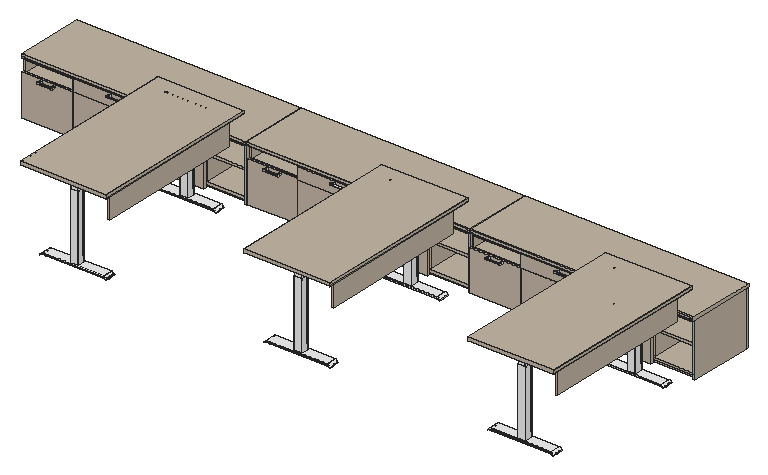
Revit family "JSI-Vision-Typical_Laminate-VST139", category Furniture, Revit 2020
Family settings
  OmniClass Number = 23.40.20.00
  OmniClass Title = General Furniture and Specialties
  Work Plane-Based = No
  Always vertical = Yes
  Cut with Voids When Loaded = No
  Shared = No
  Room Calculation Point = No
Parameters (values of type "VST139")
  URL = "www.jsifurniture.com"
  Type Comments = "Typical Laminate"  # constant formula
  Model = "VST139"
  Manufacturer = "JSI"  # constant formula
  Keynote = "12500"
  Default Elevation = 0"
  Assembly Code = "E2020200"
Reference planes (in)
  plane 1 "Center Front/Back": y = 0
  plane 2: z = 0
  plane 3 "Center Left/Right": x = 0
Dimensions and locks (in)
  aligned and locked: level to plane 2
Nested families (in)
  nested 1: "JSI-Vision-Adj_Table_Standard_Range" at (78, -24.625, 0) x (0, -1, 0) z (0, 0, 1), type "VST3060AHTD-S, Adj Height Table Standard Range 60"W"
  nested 2: "JSI-Vision-Open_Shelf_File_Modular_Bench_Pedestal" at (0, -0.75, 0), type "VSTB2418MOF, Laminate OF Modular Bench H Ped"
  nested 3: "JSI-Vision-Box_File_Modular_Bench_Pedestal" at (18, 0, 0), type "VSTB2430MBF, Laminate BF Modular Bench H Ped"
    with Width 30", Height 18.744", Depth 24"
  nested 4: "JSI-Vision-Sliding_Door_Modular_Bench_Pedestal" at (48, -0.75, 0), type "VSTB2430MSD, Laminate Sld Door Modular Bench H Ped"
    with Height 18.744", Depth 23 1/4"
  nested 5: "JSI-Vision-Bench_Height_Modular_Top" at (0, 0, -0.6469), type "VSTB2478MT, Laminate Mod Bench H Top, 24" x 78""
    with Width 78", Depth 24"
  nested 6: "JSI-Vision-Adj_Table_Standard_Range" at (156, -24.625, 0) x (0, -1, 0) z (0, 0, 1), type "VST3060AHTD-S, Adj Height Table Standard Range 60"W"
  nested 7: "JSI-Vision-Open_Shelf_File_Modular_Bench_Pedestal" at (78, 0, 0), type "VSTB2418MOF, Laminate OF Modular Bench H Ped"
  nested 8: "JSI-Vision-Box_File_Modular_Bench_Pedestal" at (96, 0, 0), type "VSTB2430MBF, Laminate BF Modular Bench H Ped"
    with Width 30", Height 18.744", Depth 24"
  nested 9: "JSI-Vision-Sliding_Door_Modular_Bench_Pedestal" at (126, -0.75, 0), type "VSTB2430MSD, Laminate Sld Door Modular Bench H Ped"
    with Height 18.744", Depth 23 1/4"
  nested 10: "JSI-Vision-Bench_Height_Modular_Top" at (78, 0, -0.6469), type "VSTB2478MT, Laminate Mod Bench H Top, 24" x 78""
    with Width 78", Depth 24"
  nested 11: "JSI-Vision-Adj_Table_Standard_Range" at (234, -24.625, 0) x (0, -1, 0) z (0, 0, 1), type "VST3060AHTD-S, Adj Height Table Standard Range 60"W"
  nested 12: "JSI-Vision-Open_Shelf_File_Modular_Bench_Pedestal" at (156, -0.75, 0), type "VSTB2418MOF, Laminate OF Modular Bench H Ped"
  nested 13: "JSI-Vision-Box_File_Modular_Bench_Pedestal" at (174, 0, 0), type "VSTB2430MBF, Laminate BF Modular Bench H Ped"
    with Width 30", Height 18.744", Depth 24"
  nested 14: "JSI-Vision-Sliding_Door_Modular_Bench_Pedestal" at (204, -0.75, 0), type "VSTB2430MSD, Laminate Sld Door Modular Bench H Ped"
    with Height 18.744", Depth 23 1/4"
  nested 15: "JSI-Vision-Bench_Height_Modular_Top" at (156, 0, -0.6469), type "VSTB2478MT, Laminate Mod Bench H Top, 24" x 78""
    with Width 78", Depth 24"
  nested 16: "JSI-Vision-Adj_Bridge_Modesty" at (76, -28.625, 0) x (0, -1, 0) z (0, 0, 1), type "VST0952TDM, Modesty for Adj Bridge, 52"W"
    with Width 52"
  nested 17: "JSI-Vision-Adj_Bridge_Modesty" at (154, -28.625, 0) x (0, -1, 0) z (0, 0, 1), type "VST0952TDM, Modesty for Adj Bridge, 52"W"
    with Width 52"
  nested 18: "JSI-Vision-Adj_Bridge_Modesty" at (232, -28.625, 0) x (0, -1, 0) z (0, 0, 1), type "VST0952TDM, Modesty for Adj Bridge, 52"W"
    with Width 52"
  nested 19: "JSI-Vision-Filler_Back_Panel_for_Bench_Height" at (0, 0, 0), type "VSTB0419MBK, Filler Back Panel for Bench Height 18 3/4"H, 4"W"
    with Height 18 27/32"
  nested 20: "JSI-Vision-Filler_Back_Panel_for_Bench_Height" at (230, 0, 0), type "VSTB0419MBK, Filler Back Panel for Bench Height 18 3/4"H, 4"W"
    with Height 18 27/32"
Definition of nested family "JSI-Vision-Adj_Table_Standard_Range"
  Parameters (values of type "VST3048AHTD-S, Adj Height Table Standard Range 48"W")
    Width = 48"
    Upper Leg Finish = none
    URL = "www.jsifurniture.com"
    Type Comments = ""
    Top Finish = none
    Support Finish = none
    Series = "Vision Casegoods"  # constant formula
    Low Leg Finish = none
    Model = "VST3048AHTD-S"
    Material = ""
    Manufacturer = "JSI"  # constant formula
    Keynote = "12500"  # constant formula
    JSI Enviromental Website = "http://www.jsifurniture.com/jsi_sustainability_intro.php"
    Height = 30"
    Glide Finish = none
    Feet Finish = none
    Description = "Adjustable Height Table Desk Standard Range Laminate, 30”H x 30” x 48”W"
    Depth = 30"
    Default Elevation = 0"
    Assembly Code = "E2020200"
    Adj Post Finish = none
  Types (6): name | Width | Model | Description
    VST3072AHTD-S, Adj Height Table Standard Range 72"W | 72" | "VST3072AHTD-S" | "Adjustable Height Table Desk Standard Range Laminate, 30”H x 30” x 72”W"
    VSV3072AHTD-S, Adj Height Table Standard Range 72"W | 72" | "VSV3072AHTD-S" | "Adjustable Height Table Desk Standard Range Venner, 30”H x 30” x 72”W"
    VST3060AHTD-S, Adj Height Table Standard Range 60"W | 60" | "VST3060AHTD-S" | "Adjustable Height Table Desk Standard Range Laminate, 30”H x 30” x 60”W"
    VSV3060AHTD-S, Adj Height Table Standard Range 60"W | 60" | "VSV3060AHTD-S" | "Adjustable Height Table Desk Standard Range Venner, 30”H x 30” x 60”W"
    VST3048AHTD-S, Adj Height Table Standard Range 48"W | 48" | "VST3048AHTD-S" | "Adjustable Height Table Desk Standard Range Laminate, 30”H x 30” x 48”W"
    VSV3048AHTD-S, Adj Height Table Standard Range 48"W | 48" | "VSV3048AHTD-S" | "Adjustable Height Table Desk Standard Range Venner, 30”H x 30” x 48”W"
  Reference planes (in)
    plane 1 "Center Front/Back": y = 0
    plane 2: z = 0
    plane 3 "Center Left/Right": x = 0
    plane 4: z = 30
    plane 5: z = 28.8125
    plane 6: x = 48
    plane 7: y = -30
    plane 8: y = -15
  Forms (in)
    Extrusion 1, solid, material <- "Top Finish"
      sketch origin (0, 0, 0) x (0, 1, 0) y (0, 0, 1)
        loop
          arc (-29.88189, 30) -> (-29.96256, 29.96256) -> (-30, 29.88189) r 0.12937
          line (-30, 29.88189) -> (-30, 28.93061)
          arc (-30, 28.93061) -> (-29.96256, 28.84994) -> (-29.88189, 28.8125) r 0.12937
          line (-29.88189, 28.8125) -> (-29.72106, 28.8125) -> (-0.27894, 28.8125) -> (-0.11811, 28.8125)
          arc (-0.11811, 28.8125) -> (-0.03744, 28.84994) -> (0, 28.93061) r 0.12937
          line (0, 28.93061) -> (0, 29.88189)
          arc (0, 29.88189) -> (-0.03744, 29.96256) -> (-0.11811, 30) r 0.12937
          line (-0.11811, 30) -> (-29.88189, 30)
      from 0 to 48
  Lines and regions (in)
    symbolic lines
      curve 1: line (0, 0, 0) -> (48, 0, 0)
      curve 2: line (0, -30, 0) -> (0, 0, 0)
      curve 3: line (48, -30, 0) -> (0, -30, 0)
      curve 4: line (48, 0, 0) -> (48, -30, 0)
  Dimensions and locks (in)
    "Height": plane 4 to level
    locked: plane 4 to plane 5 at 1.1875
    "Width": plane 3 "Center Left/Right" to plane 6
    "Depth": plane 1 "Center Front/Back" to plane 7
    equal spacing: plane 1 "Center Front/Back", plane 8, plane 7
    aligned and locked: level to plane 2
    aligned and locked: plane 3 "Center Left/Right" to nested 1
    aligned and locked: nested 1 to plane 8
    aligned and locked: plane 4 to Extrusion 1 sketch curve
    aligned and locked: Extrusion 1 sketch curve to plane 5
    aligned and locked: Extrusion 1 sketch curve to plane 1 "Center Front/Back"
    aligned and locked: Extrusion 1 sketch curve to plane 7
    aligned and locked: Extrusion 1 to plane 3 "Center Left/Right"
    aligned and locked: Extrusion 1 to plane 6
    aligned and locked: plane 7 to curve 3
    aligned and locked: plane 1 "Center Front/Back" to curve 1
    aligned and locked: plane 3 "Center Left/Right" to curve 2
    aligned and locked: plane 6 to curve 4
  Automatic sketch dimensions
    plane 7 to Extrusion 1 sketch curve = 0.11811"  (x2)
    Extrusion 1 sketch curve to plane 5 = 0"  (x2)
    plane 7 to Extrusion 1 sketch curve = 33/256"  (x2)
    Extrusion 1 sketch curve to Extrusion 1 sketch curve = 0.16082"
    plane 1 "Center Front/Back" to Extrusion 1 sketch curve = 0.27894"
    plane 1 "Center Front/Back" to Extrusion 1 sketch curve = 33/256"  (x2)
    plane 1 "Center Front/Back" to Extrusion 1 sketch curve = 0.11811"  (x2)
    plane 5 to Extrusion 1 sketch curve = 0.11811"  (x2)
    Extrusion 1 sketch curve to plane 4 = 33/256"  (x2)
  Nested families (in)
    nested 1: "Adj Base" at (0, -15, 0), Height <- "Height", W Top <- "Width", Adj Post Finish <- "Adj Post Finish", Feet Finish <- "Feet Finish", Glide Finish <- "Glide Finish", Low Leg Finish <- "Low Leg Finish", Support Finish <- "Support Finish", Upper Leg Finish <- "Upper Leg Finish", type "Adj Base"
      with W Top 48", Upper Leg Finish none, Support Finish none, Low Leg Finish none, Height 30", Glide Finish none, Feet Finish none, Adj Post Finish none
  Definition of nested family "Adj Base"
    Parameters (values of type "Adj Base")
      W Top [instance] = 72"
      Upper Leg Finish [instance] = none
      Support Finish [instance] = none
      Low Leg Finish [instance] = none
      Height [instance] = 29 1/2"
      Glide Finish [instance] = none
      Feet Finish [instance] = none
      Default Elevation = 0"
      Adj Post Finish [instance] = none
    Reference planes (in)
      plane 1 "Center (Front/Back)": y = 0
      plane 2: z = 0
      plane 3 "Center (Left/Right)": x = 0
      plane 4: z = 29.5
      plane 5: x = 72
      plane 6: z = 28.3125
      plane 7: x = 6.09647
      plane 8: x = 65.90353
    Forms (in)
      Extrusion 1, solid, material <- "Support Finish"
        sketch origin (1.67343, 0, 0) x (-1, 0, 0) y (0, 0, 1)
          loop
            line (-2.26388, 26.15894) -> (-2.26388, 28.00935) -> (-10.9253, 28.00935) -> (-10.9253, 27.73435) -> (-10.3632, 27.73435) -> (-9.86301, 26.15894) -> (-2.26388, 26.15894)
          loop
            line (-66.38926, 26.15894) -> (-58.79012, 26.15894) -> (-58.28994, 27.73435) -> (-57.72784, 27.73435) -> (-57.72784, 28.00935) -> (-66.38926, 28.00935) -> (-66.38926, 26.15894)
        from -1.89028 to 1.90897
      Extrusion 2, solid, material <- "Support Finish"
        sketch origin (8.68126, 0, 0) x (0, 1, 0) y (0, 0, 1)
          loop
            arc (2.60827, 26.81644) -> (2.67785, 26.84526) -> (2.70667, 26.91484) r 0.0984
            line (2.70667, 26.91484) -> (2.70667, 28.09931)
            arc (2.70667, 28.09931) -> (2.67882, 28.16654) -> (2.61158, 28.19439) r 0.09508
            line (2.61158, 28.19439) -> (2.01307, 28.19439)
            arc (2.01307, 28.19439) -> (1.94678, 28.16693) -> (1.91932, 28.10064) r 0.09375
            line (1.91932, 28.10064) -> (1.91932, 26.91484)
            arc (1.91932, 26.91484) -> (1.94814, 26.84526) -> (2.01772, 26.81644) r 0.0984
            line (2.01772, 26.81644) -> (2.60827, 26.81644)
          loop
            line (-2.60827, 26.81644) -> (-2.01772, 26.81644)
            arc (-2.01772, 26.81644) -> (-1.94814, 26.84526) -> (-1.91932, 26.91484) r 0.0984
            line (-1.91932, 26.91484) -> (-1.91932, 28.10064)
            arc (-1.91932, 28.10064) -> (-1.94678, 28.16693) -> (-2.01307, 28.19439) r 0.09375
            line (-2.01307, 28.19439) -> (-2.61158, 28.19439)
            arc (-2.61158, 28.19439) -> (-2.67882, 28.16654) -> (-2.70667, 28.09931) r 0.09508
            line (-2.70667, 28.09931) -> (-2.70667, 26.91484)
            arc (-2.70667, 26.91484) -> (-2.67785, 26.84526) -> (-2.60827, 26.81644) r 0.0984
        from -5.06315 to 15.07466
      Extrusion 3, solid, material <- "Support Finish"
        sketch origin (1.70596, 0, 0) x (0, 1, 0) y (0, 0, 1)
          loop
            arc (2.50984, 27.32825) -> (2.59335, 27.36284) -> (2.62794, 27.44635) r 0.1181
            line (2.62794, 27.44635) -> (2.62794, 27.99755)
            arc (2.62794, 27.99755) -> (2.59335, 28.08106) -> (2.50984, 28.11565) r 0.1181
            line (2.50984, 28.11565) -> (2.15551, 28.11565)
            arc (2.15551, 28.11565) -> (2.072, 28.08106) -> (2.03741, 27.99755) r 0.1181
            line (2.03741, 27.99755) -> (2.03741, 27.44635)
            arc (2.03741, 27.44635) -> (2.072, 27.36284) -> (2.15551, 27.32825) r 0.1181
            line (2.15551, 27.32825) -> (2.50984, 27.32825)
          loop
            arc (-2.15551, 27.32825) -> (-2.072, 27.36284) -> (-2.03741, 27.44635) r 0.1181
            line (-2.03741, 27.44635) -> (-2.03741, 27.99755)
            arc (-2.03741, 27.99755) -> (-2.072, 28.08106) -> (-2.15551, 28.11565) r 0.1181
            line (-2.15551, 28.11565) -> (-2.50984, 28.11565)
            arc (-2.50984, 28.11565) -> (-2.59335, 28.08106) -> (-2.62794, 27.99755) r 0.1181
            line (-2.62794, 27.99755) -> (-2.62794, 27.44635)
            arc (-2.62794, 27.44635) -> (-2.59335, 27.36284) -> (-2.50984, 27.32825) r 0.1181
            line (-2.50984, 27.32825) -> (-2.15551, 27.32825)
        from 16.18381 to 52.40428
      Extrusion 4, solid, material <- "Feet Finish"
        sketch origin (3.34686, 0, 0) x (0, 1, 0) y (0, 0, 1)
          loop
            line (10.52318, 1.16069) -> (-10.52318, 1.16069)
            arc (-10.52318, 1.16069) -> (-10.60868, 1.14561) -> (-10.68388, 1.1022) r 0.25
            line (-10.68388, 1.1022) -> (-11.48879, 0.4268) -> (-11.40022, 0.32124) -> (-10.59879, 0.99371)
            arc (-10.59879, 0.99371) -> (-10.56128, 1.01537) -> (-10.51862, 1.02289) r 0.12472
            line (-10.51862, 1.02289) -> (10.51852, 1.02289)
            arc (10.51852, 1.02289) -> (10.56128, 1.01536) -> (10.59887, 0.99365) r 0.125
            line (10.59887, 0.99365) -> (11.40022, 0.32124) -> (11.48879, 0.4268) -> (10.68388, 1.1022)
            arc (10.68388, 1.1022) -> (10.60869, 1.14561) -> (10.52318, 1.16069) r 0.25
        from 0.93859 to 4.56063
      Extrusion 5, solid, material <- "Feet Finish"
        sketch origin (3.34686, 0, 0) x (0, 1, 0) y (0, 0, 1)
          loop
            line (-11.14173, 0.39297) -> (11.14173, 0.39297) -> (11.14173, 0.53813) -> (10.59887, 0.99365)
            arc (10.59887, 0.99365) -> (10.56128, 1.01535) -> (10.51852, 1.02289) r 0.125
            line (10.51852, 1.02289) -> (-10.51862, 1.02289)
            arc (-10.51862, 1.02289) -> (-10.56128, 1.01537) -> (-10.59879, 0.99371) r 0.12472
            line (-10.59879, 0.99371) -> (-11.14173, 0.53813) -> (-11.14173, 0.39297)
        from 1.19449 to 4.30473
      Extrusion 6, solid, material <- "Feet Finish"
        sketch origin (12.34686, 0, 0) x (0, 1, 0) y (0, 0, 1)
          loop
            line (10.52318, 1.16069) -> (-10.52318, 1.16069)
            arc (-10.52318, 1.16069) -> (-10.60868, 1.14561) -> (-10.68388, 1.1022) r 0.25
            line (-10.68388, 1.1022) -> (-11.48879, 0.4268) -> (-11.40022, 0.32124) -> (-10.59879, 0.99371)
            arc (-10.59879, 0.99371) -> (-10.56128, 1.01537) -> (-10.51862, 1.02289) r 0.12472
            line (-10.51862, 1.02289) -> (10.51852, 1.02289)
            arc (10.51852, 1.02289) -> (10.56128, 1.01536) -> (10.59887, 0.99365) r 0.125
            line (10.59887, 0.99365) -> (11.40022, 0.32124) -> (11.48879, 0.4268) -> (10.68388, 1.1022)
            arc (10.68388, 1.1022) -> (10.60869, 1.14561) -> (10.52318, 1.16069) r 0.25
        from 51.74564 to 55.473
      Extrusion 7, solid, material <- "Low Leg Finish"
        sketch origin (0, 0, 0) x (1, 0, 0) y (0, 1, 0)
          loop
            line (4.73819, 1.25984) -> (4.73819, -1.25984)
            arc (4.73819, -1.25984) -> (4.76702, -1.32944) -> (4.83661, -1.35827) r 0.09843
            line (4.83661, -1.35827) -> (7.3563, -1.35827)
            arc (7.3563, -1.35827) -> (7.4259, -1.32944) -> (7.45472, -1.25984) r 0.09843
            line (7.45472, -1.25984) -> (7.45472, 1.25984)
            arc (7.45472, 1.25984) -> (7.4259, 1.32944) -> (7.3563, 1.35827) r 0.09843
            line (7.3563, 1.35827) -> (4.83661, 1.35827)
            arc (4.83661, 1.35827) -> (4.76702, 1.32944) -> (4.73819, 1.25984) r 0.09843
          loop
            arc (67.26181, 1.25984) -> (67.23298, 1.32944) -> (67.16339, 1.35827) r 0.09843
            line (67.16339, 1.35827) -> (64.6437, 1.35827)
            arc (64.6437, 1.35827) -> (64.5741, 1.32944) -> (64.54528, 1.25984) r 0.09843
            line (64.54528, 1.25984) -> (64.54528, -1.25984)
            arc (64.54528, -1.25984) -> (64.5741, -1.32944) -> (64.6437, -1.35827) r 0.09843
            line (64.6437, -1.35827) -> (67.16339, -1.35827)
            arc (67.16339, -1.35827) -> (67.23298, -1.32944) -> (67.26181, -1.25984) r 0.09843
            line (67.26181, -1.25984) -> (67.26181, 1.25984)
        from 1.16069 to 24.23031
      Extrusion 8, solid, material <- "Upper Leg Finish"
        sketch origin (0, 0, 0) x (1, 0, 0) y (0, 1, 0)
          loop
            line (7.16929, 1.17126) -> (5.02362, 1.17126)
            arc (5.02362, 1.17126) -> (4.95402, 1.14243) -> (4.9252, 1.07283) r 0.09843
            line (4.9252, 1.07283) -> (4.9252, -1.07283)
            arc (4.9252, -1.07283) -> (4.95402, -1.14243) -> (5.02362, -1.17126) r 0.09843
            line (5.02362, -1.17126) -> (7.16929, -1.17126)
            arc (7.16929, -1.17126) -> (7.23889, -1.14243) -> (7.26772, -1.07283) r 0.09843
            line (7.26772, -1.07283) -> (7.26772, 1.07283)
            arc (7.26772, 1.07283) -> (7.23889, 1.14243) -> (7.16929, 1.17126) r 0.09843
          loop
            arc (64.83071, 1.17126) -> (64.76111, 1.14243) -> (64.73228, 1.07283) r 0.09843
            line (64.73228, 1.07283) -> (64.73228, -1.07283)
            arc (64.73228, -1.07283) -> (64.76111, -1.14243) -> (64.83071, -1.17126) r 0.09843
            line (64.83071, -1.17126) -> (67.04524, -1.17126)
            arc (67.04524, -1.17126) -> (67.09765, -1.14955) -> (67.11936, -1.09714) r 0.07412
            line (67.11936, -1.09714) -> (67.11936, 1.02828)
            arc (67.11936, 1.02828) -> (67.07748, 1.12938) -> (66.97638, 1.17126) r 0.14298
            line (66.97638, 1.17126) -> (64.83071, 1.17126)
        from 2.77313 to 26.15894
      Extrusion 9, solid, material <- "Support Finish"
        sketch origin (0, 0, 0) x (1, 0, 0) y (0, 0, 1)
          loop
            line (3.5, 26.14715) -> (3.61811, 26.14715) -> (3.61811, 28.15745)
            arc (3.61811, 28.15745) -> (3.62893, 28.18357) -> (3.65505, 28.19439) r 0.03694
            line (3.65505, 28.19439) -> (5.0748, 28.19439) -> (5.0748, 28.3125) -> (3.65534, 28.3125)
            arc (3.65534, 28.3125) -> (3.5455, 28.267) -> (3.5, 28.15716) r 0.15534
            line (3.5, 28.15716) -> (3.5, 26.14715)
          loop
            line (68.5, 26.14715) -> (68.5, 28.15716)
            arc (68.5, 28.15716) -> (68.4545, 28.267) -> (68.34466, 28.3125) r 0.15534
            line (68.34466, 28.3125) -> (66.9252, 28.3125) -> (66.9252, 28.19439) -> (68.34495, 28.19439)
            arc (68.34495, 28.19439) -> (68.37107, 28.18357) -> (68.38189, 28.15745) r 0.03694
            line (68.38189, 28.15745) -> (68.38189, 26.14715) -> (68.5, 26.14715)
        from -10.14567 to 10.14567
      Extrusion 10, void
        sketch origin (0, 0, 0) x (0, 1, 0) y (0, 0, 1)
          loop
            line (-9.64567, 28.65728) -> (-10.14567, 28.65728) -> (-10.14567, 25.65728) -> (10.14567, 25.65728) -> (10.14567, 28.65728) -> (9.64567, 28.65728) -> (9.64567, 27.93724)
            arc (9.64567, 27.93724) -> (9.53149, 27.61921) -> (9.2411, 27.44643) r 0.5
            line (9.2411, 27.44643) -> (2.76152, 26.18651)
            arc (2.76152, 26.18651) -> (2.61903, 26.16585) -> (2.47521, 26.15894) r 1.5
            line (2.47521, 26.15894) -> (-2.47521, 26.15894)
            arc (-2.47521, 26.15894) -> (-2.61903, 26.16585) -> (-2.76152, 26.18651) r 1.5
            line (-2.76152, 26.18651) -> (-9.2411, 27.44643)
            arc (-9.2411, 27.44643) -> (-9.53149, 27.61921) -> (-9.64567, 27.93724) r 0.5
            line (-9.64567, 27.93724) -> (-9.64567, 28.65728)
        from 1.99619 to 70.00235
      Extrusion 11, solid, material <- "Support Finish"
        sketch origin (60.8427, 0, 0) x (0, 1, 0) y (0, 0, -1)
          loop
            line (-2.01772, -26.81644) -> (-2.61292, -26.81644)
            arc (-2.61292, -26.81644) -> (-2.67921, -26.8439) -> (-2.70667, -26.91019) r 0.09375
            line (-2.70667, -26.91019) -> (-2.70667, -28.10064)
            arc (-2.70667, -28.10064) -> (-2.67921, -28.16693) -> (-2.61292, -28.19439) r 0.09375
            line (-2.61292, -28.19439) -> (-2.0144, -28.19439)
            arc (-2.0144, -28.19439) -> (-1.94717, -28.16654) -> (-1.91932, -28.09931) r 0.09508
            line (-1.91932, -28.09931) -> (-1.91932, -26.91484)
            arc (-1.91932, -26.91484) -> (-1.94814, -26.84526) -> (-2.01772, -26.81644) r 0.0984
          loop
            line (2.60827, -26.81644) -> (2.0132, -26.81644)
            arc (2.0132, -26.81644) -> (1.94682, -26.84394) -> (1.91932, -26.91032) r 0.09389
            line (1.91932, -26.91032) -> (1.91932, -28.09931)
            arc (1.91932, -28.09931) -> (1.94717, -28.16654) -> (2.0144, -28.19439) r 0.09508
            line (2.0144, -28.19439) -> (2.61292, -28.19439)
            arc (2.61292, -28.19439) -> (2.67921, -28.16693) -> (2.70667, -28.10064) r 0.09375
            line (2.70667, -28.10064) -> (2.70667, -26.91484)
            arc (2.70667, -26.91484) -> (2.67785, -26.84526) -> (2.60827, -26.81644) r 0.0984
        from -7.53919 to 12.59862
      Revolve 12, solid, material <- "Glide Finish"
        sketch origin (0, -10.27559, 0) x (1, 0, 0) y (0, 0, 1)
          loop
            line (6.09647, 0.94489) -> (5.93882, 0.94489) -> (5.93882, 0.39297) -> (5.30863, 0.39297) -> (5.11222, 0.19657) -> (5.11222, 0) -> (6.09647, 0) -> (6.09647, 0.94489)
          axis (6.09647, 0.94489) -> (6.09647, 0)
        angle from 0 to 360
      Revolve 13, solid, material <- "Glide Finish"
        sketch origin (0, 10.27547, 0) x (1, 0, 0) y (0, 0, 1)
          loop
            line (6.09647, 0.94489) -> (5.93882, 0.94489) -> (5.93882, 0.39297) -> (5.30863, 0.39297) -> (5.11222, 0.19657) -> (5.11222, 0) -> (6.09647, 0) -> (6.09647, 0.94489)
          axis (6.09647, 0.94489) -> (6.09647, 0)
        angle from 0 to 360
      Revolve 14, solid, material <- "Glide Finish"
        sketch origin (59.80705, -10.27559, 0) x (1, 0, 0) y (0, 0, 1)
          loop
            line (6.09647, 0.94489) -> (5.93882, 0.94489) -> (5.93882, 0.39297) -> (5.30863, 0.39297) -> (5.11222, 0.19657) -> (5.11222, 0) -> (6.09647, 0) -> (6.09647, 0.94489)
          axis (6.09647, 0.94489) -> (6.09647, 0)
        angle from 0 to 360
      Revolve 15, solid, material <- "Glide Finish"
        sketch origin (59.80705, 10.27547, 0) x (1, 0, 0) y (0, 0, 1)
          loop
            line (6.09647, 0.94489) -> (5.93882, 0.94489) -> (5.93882, 0.39297) -> (5.30863, 0.39297) -> (5.11222, 0.19657) -> (5.11222, 0) -> (6.09647, 0) -> (6.09647, 0.94489)
          axis (6.09647, 0.94489) -> (6.09647, 0)
        angle from 0 to 360
      Extrusion 16, solid, material <- "Feet Finish"
        sketch origin (63.15392, 0, 0) x (0, 1, 0) y (0, 0, 1)
          loop
            line (-11.14173, 0.39297) -> (11.14173, 0.39297) -> (11.14173, 0.53813) -> (10.59887, 0.99365)
            arc (10.59887, 0.99365) -> (10.56128, 1.01535) -> (10.51852, 1.02289) r 0.125
            line (10.51852, 1.02289) -> (-10.51862, 1.02289)
            arc (-10.51862, 1.02289) -> (-10.56128, 1.01537) -> (-10.59879, 0.99371) r 0.12472
            line (-10.59879, 0.99371) -> (-11.14173, 0.53813) -> (-11.14173, 0.39297)
        from 1.19449 to 4.30473
    Cuts and joins
      Extrusion 10 cuts Extrusion 9
    Lines and regions (in)
      symbolic lines
        curve 1: line (7.9075, 11.48879, 0) -> (4.28545, 11.48879, 0)
        curve 2: line (7.9075, -11.48879, 0) -> (7.9075, 11.48879, 0)
        curve 3: line (4.28545, -11.48879, 0) -> (7.9075, -11.48879, 0)
        curve 4: line (4.28545, 11.48879, 0) -> (4.28545, 9.64567, 0)
        curve 5: line (67.81987, 11.48879, 0) -> (64.0925, 11.48879, 0)
        curve 6: line (67.81987, 9.64567, 0) -> (67.81987, 11.48879, 0)
        curve 7: line (64.0925, -11.48879, 0) -> (67.81987, -11.48879, 0)
        curve 8: line (64.0925, 11.48879, 0) -> (64.0925, -11.48879, 0)
        curve 9: line (3.5, 9.64567, 0) -> (5.0748, 9.64567, 0)
        curve 10: line (3.5, -9.64567, 0) -> (3.5, 9.64567, 0)
        curve 11: line (5.0748, -9.64567, 0) -> (3.5, -9.64567, 0)
        curve 12: line (5.0748, 9.64567, 0) -> (5.0748, -9.64567, 0)
        curve 13: line (68.5, 9.64567, 0) -> (66.9252, 9.64567, 0)
        curve 14: line (68.5, -9.64567, 0) -> (68.5, 9.64567, 0)
        curve 15: line (66.9252, -9.64567, 0) -> (68.5, -9.64567, 0)
        curve 16: line (66.9252, 9.64567, 0) -> (66.9252, -9.64567, 0)
        curve 17: line (66.9252, 2.70667, 0) -> (48.24408, 2.70667, 0)
        curve 18: line (48.24408, 2.70667, 0) -> (48.24408, 1.91932, 0)
        curve 19: line (48.24408, 1.91932, 0) -> (66.9252, 1.91932, 0)
        curve 20: line (66.9252, -1.92113, 0) -> (48.24408, -1.91932, 0)
        curve 21: line (48.24408, -1.91932, 0) -> (48.24408, -2.70667, 0)
        curve 22: line (48.24408, -2.70667, 0) -> (66.9252, -2.70667, 0)
        curve 23: line (23.75592, 2.70667, 0) -> (23.75592, 1.91932, 0)
        curve 24: line (23.75592, 1.91932, 0) -> (5.0748, 1.91932, 0)
        curve 25: line (23.75592, 2.70667, 0) -> (5.0748, 2.70667, 0)
        curve 26: line (23.75592, -1.91932, 0) -> (5.0748, -1.91932, 0)
        curve 27: line (23.75592, -2.70667, 0) -> (5.0748, -2.70667, 0)
        curve 28: line (23.75592, -1.91932, 0) -> (23.75592, -2.70667, 0)
        curve 29: line (4.28545, -11.48879, 0) -> (4.28545, -9.64567, 0)
        curve 30: line (67.81987, -11.48879, 0) -> (67.81987, -9.64567, 0)
        curve 31: line (23.75592, 2.62798, 0) -> (48.24408, 2.62798, 0)
        curve 32: line (23.75592, 2.03782, 0) -> (48.24408, 2.03782, 0)
        curve 33: line (23.75592, -2.03689, 0) -> (48.24408, -2.03689, 0)
        curve 34: line (23.75592, -2.6279, 0) -> (48.24408, -2.6279, 0)
    Dimensions and locks (in)
      "Height": plane 2 to plane 4
      Extrusion 1 sketch curve to Extrusion 1 sketch curve to Extrusion 1 sketch curve to plane 4 = 1.57541" locked, 0.275", 1.49065"
      Extrusion 4 sketch curve to Extrusion 4 sketch curve to Extrusion 4 sketch curve to Extrusion 4 sketch curve to plane 1 "Center (Front/Back)" to Extrusion 4 sketch curve to Extrusion 4 sketch curve to Extrusion 4 sketch curve to Extrusion 4 sketch curve = 0.08857" locked, 0.87704" locked, 0.00456" locked, 10.51862" locked, 10.51852" locked, 0.00466" locked, 0.87704" locked, 0.08857" locked
      plane 2 to Extrusion 4 sketch curve to Extrusion 4 sketch curve to Extrusion 4 sketch curve to Extrusion 4 sketch curve to Extrusion 4 sketch curve to Extrusion 4 sketch curve = 0.32124" locked, 0.10556" locked, 0.4711" locked, 0.0128" locked, 0.1122" locked, 0.1378" locked
      Extrusion 4 to Extrusion 5 to plane 7 to Extrusion 5 to Extrusion 4 to plane 3 "Center (Left/Right)" = 0.25591" locked, 1.55512" locked, 1.55512" locked, 0.25591" locked, 4.28545" locked
      plane 2 to Extrusion 5 sketch curve to Extrusion 5 sketch curve = 0.39297" locked, 0.62992" locked
      Extrusion 5 sketch curve to plane 1 "Center (Front/Back)" to Extrusion 5 sketch curve = 11.14173" locked, 11.14173" locked
      Extrusion 6 sketch curve to Extrusion 6 sketch curve to Extrusion 6 sketch curve to Extrusion 6 sketch curve to Extrusion 6 sketch curve to Extrusion 6 sketch curve to Extrusion 6 sketch curve to Extrusion 6 sketch curve = 0.08857" locked, 0.87704" locked, 0.00456" locked, 21.03715", 0.00466" locked, 0.87704" locked, 0.08857" locked
      Extrusion 6 sketch curve to Extrusion 6 sketch curve to Extrusion 6 sketch curve to Extrusion 6 sketch curve to Extrusion 6 sketch curve to Extrusion 6 sketch curve = 0.10556" locked, 0.4711" locked, 0.0128" locked, 0.1122" locked, 0.1378" locked
      plane 5 to Extrusion 6 to Extrusion 16 to plane 8 to Extrusion 16 to Extrusion 6 = 4.18013" locked, 0.36123" locked, 1.55512" locked, 1.55512" locked, 0.25591" locked
      Extrusion 7 sketch curve to plane 1 "Center (Front/Back)" to Extrusion 7 sketch curve = 1.25984" locked, 1.25984" locked  (x2)
      Extrusion 7 sketch curve to Extrusion 7 sketch curve to plane 3 "Center (Left/Right)" = 2.51969" locked, 4.83661" locked
      Extrusion 7 sketch curve to Extrusion 7 sketch curve to plane 5 = 2.51969" locked, 4.83661" locked
      locked: Extrusion 7 to plane 2 at 24.23031
      Extrusion 8 sketch curve to Extrusion 8 sketch curve to plane 5 = 2.14567" locked, 5.02362" locked
      Extrusion 8 sketch curve to Extrusion 8 sketch curve to plane 3 "Center (Left/Right)" = 2.14567" locked, 5.02362" locked
      Extrusion 8 sketch curve to plane 1 "Center (Front/Back)" to Extrusion 8 sketch curve = 1.07283" locked, 1.07283" locked
      Extrusion 1 sketch curve to Extrusion 1 sketch curve to Extrusion 1 sketch curve to plane 4 = 1.57541" locked, 0.275" locked, 1.49065" locked
      Extrusion 1 sketch curve to Extrusion 1 sketch curve to Extrusion 1 sketch curve to Extrusion 1 sketch curve to plane 3 "Center (Left/Right)" = 0.5621" locked, 0.50019" locked, 7.59913" locked, 3.93731" locked
      plane 5 to Extrusion 1 sketch curve to Extrusion 1 sketch curve to Extrusion 1 sketch curve = 3.93731" locked, 7.59913" locked, 1.06228" locked
      Extrusion 2 sketch curve to Extrusion 2 sketch curve to Extrusion 2 sketch curve to Extrusion 2 sketch curve to plane 1 "Center (Front/Back)" to Extrusion 2 sketch curve to Extrusion 2 sketch curve to Extrusion 2 sketch curve to Extrusion 2 sketch curve = 0.09508" locked, 0.59852" locked, 3/32" locked, 1.91932" locked, 1.91932" locked, 3/32" locked, 0.59852" locked, 0.09508" locked
      locked: plane 4 to plane 6 at 1.1875
      Extrusion 8 to Extrusion 8 to plane 6 = 23.38581" locked, 2.15356" locked
      Extrusion 3 sketch curve to Extrusion 3 sketch curve to Extrusion 3 sketch curve to Extrusion 3 sketch curve to plane 1 "Center (Front/Back)" to Extrusion 3 sketch curve to Extrusion 3 sketch curve to Extrusion 3 sketch curve to Extrusion 3 sketch curve = 0.1181" locked, 0.35433" locked, 0.1181" locked, 2.03741" locked, 2.03741" locked, 0.1181" locked, 0.35433" locked, 0.1181" locked
      plane 6 to Extrusion 3 sketch curve to Extrusion 3 sketch curve to Extrusion 3 sketch curve to Extrusion 3 sketch curve = 0.19685" locked, 0.1181" locked, 0.5512" locked, 0.1181" locked
      Extrusion 9 sketch curve to Extrusion 9 sketch curve to Extrusion 9 sketch curve to Extrusion 9 sketch curve to plane 3 "Center (Left/Right)" = 1.41947" locked, 0.03723" locked, 0.11811" locked, 3 1/2" locked
      Extrusion 9 sketch curve to Extrusion 9 sketch curve to Extrusion 9 sketch curve to Extrusion 9 sketch curve to plane 5 = 1.41947" locked, 0.03723" locked, 0.11811" locked, 3 1/2" locked
      plane 6 to Extrusion 9 sketch curve to Extrusion 9 sketch curve to Extrusion 9 sketch curve = 0.11811" locked, 0.03723" locked, 2.01002" locked
      locked: plane 5 to Extrusion 10 at 1.99765
      locked: plane 3 "Center (Left/Right)" to Extrusion 10 at 1.99619
      Extrusion 10 sketch curve to plane 6 to Extrusion 10 sketch curve to Extrusion 10 sketch curve to Extrusion 10 sketch curve to Extrusion 10 sketch curve = 0.34478" locked, 0.37526" locked, 0.2783" locked, 1 1/2" locked, 0.50165" locked
      Extrusion 10 sketch curve to Extrusion 10 sketch curve to Extrusion 10 sketch curve to Extrusion 10 sketch curve to plane 1 "Center (Front/Back)" to Extrusion 10 sketch curve to Extrusion 10 sketch curve to Extrusion 10 sketch curve to Extrusion 10 sketch curve = 1/2" locked, 1/2" locked, 6.67046" locked, 2.47521" locked, 2.47521" locked, 6.67046" locked, 1/2" locked, 1/2" locked
      Extrusion 11 sketch curve to Extrusion 11 sketch curve to Extrusion 11 sketch curve to Extrusion 11 sketch curve to Extrusion 11 sketch curve to Extrusion 11 sketch curve to Extrusion 11 sketch curve to Extrusion 11 sketch curve = 3/32" locked, 0.59852" locked, 0.09508" locked, 3.83863" locked, 0.09508" locked, 0.59852" locked, 3/32" locked
      Extrusion 11 to Extrusion 3 to plane 5 = 5.86615" locked, 17.88976" locked
      Extrusion 2 to Extrusion 3 to plane 3 "Center (Left/Right)" = 5.86615" locked, 17.88976" locked
      Revolve 12 sketch curve to Revolve 12 sketch curve to Revolve 12 sketch curve to plane 7 = 0.1964" locked, 0.63019" locked, 0.15765" locked
      Revolve 13 sketch curve to Revolve 13 sketch curve to Revolve 13 sketch curve = 0.1964" locked, 0.63019" locked
      Revolve 13 to plane 1 "Center (Front/Back)" to Revolve 12 = 10.27547" locked, 10.27559" locked
      Revolve 14 sketch curve to Revolve 14 sketch curve to Revolve 14 sketch curve to plane 8 = 0.1964" locked, 0.63019" locked, 0.15765" locked
      Revolve 15 sketch curve to Revolve 15 sketch curve to Revolve 15 sketch curve = 0.1964" locked, 0.63019" locked
      Revolve 15 to Revolve 14 = 20.55106"
      Revolve 14 to plane 1 "Center (Front/Back)" to Revolve 15 = 10.27559" locked, 10.27547" locked
      locked: Extrusion 16 sketch curve to Extrusion 16 sketch curve at 0.62992
      Extrusion 16 sketch curve to plane 1 "Center (Front/Back)" to Extrusion 16 sketch curve = 11.14173" locked, 11.14173" locked
      "W Top": plane 3 "Center (Left/Right)" to plane 5
      locked: plane 3 "Center (Left/Right)" to plane 7 at 6.09647
      locked: plane 8 to plane 5 at 6.09647
      aligned and locked: plane 2 to level
      aligned and locked: Extrusion 7 to Extrusion 4
      aligned and locked: Extrusion 8 to Extrusion 1
      aligned and locked: Extrusion 3 sketch curve to Extrusion 3 sketch curve  (x2)
      aligned and locked: Extrusion 9 sketch curve to plane 6  (x2)
      aligned and locked: Extrusion 9 sketch curve to Extrusion 9 sketch curve  (x2)
      aligned and locked: Extrusion 2 to cut or joined group of Extrusion 9, Extrusion 10
      aligned and locked: Extrusion 10 sketch curve to Extrusion 10 sketch curve
      aligned and locked: Extrusion 11 to cut or joined group of Extrusion 9, Extrusion 10
      aligned and locked: plane 7 to Revolve 12 sketch curve
      aligned and locked: plane 8 to Revolve 14 sketch curve
      aligned and locked: curve 1 to Extrusion 4
      aligned and locked: curve 2 to Extrusion 4
      aligned and locked: curve 3 to Extrusion 4
      aligned and locked: curve 4 to Extrusion 4
      aligned and locked: curve 5 to Extrusion 6
      aligned and locked: Extrusion 6 to curve 6
      aligned and locked: curve 7 to Extrusion 6
      aligned and locked: curve 8 to Extrusion 6
      aligned and locked: curve 9 to cut or joined group of Extrusion 9, Extrusion 10
      aligned and locked: curve 10 to cut or joined group of Extrusion 9, Extrusion 10
      aligned and locked: cut or joined group of Extrusion 9, Extrusion 10 to curve 11
      aligned and locked: curve 12 to cut or joined group of Extrusion 9, Extrusion 10
      aligned and locked: curve 13 to cut or joined group of Extrusion 9, Extrusion 10
      aligned and locked: curve 14 to cut or joined group of Extrusion 9, Extrusion 10
      aligned and locked: curve 15 to cut or joined group of Extrusion 9, Extrusion 10
      aligned and locked: curve 16 to cut or joined group of Extrusion 9, Extrusion 10
      aligned and locked: Extrusion 2 to curve 31
      aligned and locked: Extrusion 2 to curve 32
      aligned and locked: Extrusion 11 to curve 31
      aligned and locked: Extrusion 11 to curve 32
      aligned and locked: Extrusion 2 to curve 33
      aligned and locked: Extrusion 2 to curve 34
      aligned and locked: Extrusion 11 to curve 33
      aligned and locked: Extrusion 11 to curve 34
    Automatic sketch dimensions
      Extrusion 3 sketch curve to Extrusion 3 sketch curve = 0.1181"  (x3)
      level to Extrusion 4 sketch curve = 1.1022"  (x2)
      Extrusion 4 sketch curve to Extrusion 4 sketch curve = 0.1607"  (x2)
      level to Extrusion 4 sketch curve = 0.99371"
      Extrusion 4 sketch curve to Extrusion 4 sketch curve = 0.07561"
      Extrusion 4 sketch curve to Extrusion 4 sketch curve = 0.08017"
      level to Extrusion 4 sketch curve = 0.99365"
      Extrusion 4 sketch curve to Extrusion 4 sketch curve = 0.09554"
      Extrusion 4 sketch curve to Extrusion 4 sketch curve = 0.01252"
      level to Extrusion 6 sketch curve = 0.4268"
      plane 1 "Center (Front/Back)" to Extrusion 6 sketch curve = 11.48879"
      level to Extrusion 6 sketch curve = 1.1022"  (x2)
      Extrusion 6 sketch curve to Extrusion 6 sketch curve = 0.1607"  (x2)
      level to Extrusion 6 sketch curve = 0.99371"
      Extrusion 6 sketch curve to Extrusion 6 sketch curve = 0.08017"
      level to Extrusion 6 sketch curve = 0.99365"
      Extrusion 6 sketch curve to Extrusion 6 sketch curve = 0.08035"
      level to Extrusion 16 sketch curve = 0.89789"
      level to Extrusion 16 sketch curve = 0.99365"
      Extrusion 16 sketch curve to Extrusion 16 sketch curve = 0.08035"
      Extrusion 16 sketch curve to Extrusion 16 sketch curve = 0.62321"
      Extrusion 16 sketch curve to Extrusion 16 sketch curve = 0.54294"
      Extrusion 16 sketch curve to Extrusion 16 sketch curve = 0.08017"
      Extrusion 16 sketch curve to Extrusion 16 sketch curve = 0.14516"  (x2)
      Extrusion 16 sketch curve to Extrusion 16 sketch curve = 0.12472"
      Extrusion 1 sketch curve to Extrusion 1 sketch curve = 0.5621"
      Extrusion 2 sketch curve to Extrusion 2 sketch curve = 0.0984"  (x4)
      Extrusion 2 sketch curve to plane 6 = 1.49606"  (x2)
      Extrusion 2 sketch curve to plane 6 = 0.21319"  (x2)
      level to Extrusion 5 sketch curve = 0.99371"
      Extrusion 5 sketch curve to Extrusion 5 sketch curve = 0.54294"
      Extrusion 5 sketch curve to Extrusion 5 sketch curve = 0.08017"
      Extrusion 5 sketch curve to Extrusion 5 sketch curve = 0.62321"
      level to Extrusion 5 sketch curve = 0.99365"
      Extrusion 5 sketch curve to Extrusion 5 sketch curve = 0.08035"
      Extrusion 5 sketch curve to Extrusion 5 sketch curve = 0.14516"  (x2)
      plane 7 to Extrusion 7 sketch curve = 1.25986"
      Extrusion 7 sketch curve to Extrusion 7 sketch curve = 0.09843"  (x4)
      Extrusion 7 sketch curve to plane 7 = 1.25982"
      plane 8 to Extrusion 7 sketch curve = 1.35825"
      Extrusion 7 sketch curve to plane 8 = 1.25986"
      plane 7 to Extrusion 8 sketch curve = 1.07285"
      Extrusion 8 sketch curve to Extrusion 8 sketch curve = 0.09843"  (x3)
      Extrusion 8 sketch curve to plane 7 = 1.07282"
      plane 8 to Extrusion 8 sketch curve = 1.17124"
      Extrusion 8 sketch curve to plane 8 = 1.14171"
      Extrusion 8 sketch curve to Extrusion 8 sketch curve = 0.07412"
      plane 1 "Center (Front/Back)" to Extrusion 8 sketch curve = 1.17126"
      Extrusion 8 sketch curve to plane 1 "Center (Front/Back)" = 1.02828"
      Extrusion 9 sketch curve to Extrusion 9 sketch curve = 0.00029"  (x2)
      Extrusion 10 sketch curve to plane 6 = 0.86607"  (x2)
      Extrusion 10 sketch curve to Extrusion 10 sketch curve = 0.09543"
      Extrusion 10 sketch curve to plane 6 = 2.12599"  (x2)
      Extrusion 10 sketch curve to Extrusion 10 sketch curve = 0.2863"
      plane 1 "Center (Front/Back)" to Extrusion 11 sketch curve = 2.70667"
      Extrusion 11 sketch curve to Extrusion 11 sketch curve = 3/32"
      Extrusion 11 sketch curve to Extrusion 11 sketch curve = 0.0984"  (x2)
      Extrusion 11 sketch curve to Extrusion 11 sketch curve = 0.09389"
      Extrusion 11 sketch curve to plane 6 = 0.11811"  (x2)
      Extrusion 11 sketch curve to Extrusion 11 sketch curve = 1.18447"
      Extrusion 11 sketch curve to Extrusion 11 sketch curve = 1.1858"
      plane 7 to Revolve 12 sketch curve = 0"
      Revolve 12 sketch curve to level = 0"
      level to Revolve 12 sketch curve = 0.19657"
      Revolve 12 sketch curve to Revolve 12 sketch curve = 0.1964"
      Revolve 12 sketch curve to Revolve 12 sketch curve = 0.55192"
      Revolve 12 sketch curve to Revolve 12 sketch curve = 0.16385"
      Revolve 12 sketch curve to Revolve 12 sketch curve = 0.05111"
      plane 7 to Revolve 13 sketch curve = 0"  (x2)
      plane 7 to Revolve 13 sketch curve = 0.15765"
      Revolve 13 sketch curve to level = 0"
      level to Revolve 13 sketch curve = 0.19657"
      Revolve 13 sketch curve to Revolve 13 sketch curve = 0.1964"
      Revolve 13 sketch curve to Revolve 13 sketch curve = 0.55192"
      Revolve 13 sketch curve to Revolve 13 sketch curve = 0.16385"
      Revolve 13 sketch curve to Revolve 13 sketch curve = 0.05111"
      Revolve 14 sketch curve to level = 0"
      plane 8 to Revolve 14 sketch curve = 0"
      level to Revolve 14 sketch curve = 0.19657"
      Revolve 14 sketch curve to Revolve 14 sketch curve = 0.1964"
      Revolve 14 sketch curve to Revolve 14 sketch curve = 0.55192"
      Revolve 14 sketch curve to Revolve 14 sketch curve = 0.16385"
      Revolve 14 sketch curve to Revolve 14 sketch curve = 0.05111"
      Revolve 15 sketch curve to level = 0"
      plane 8 to Revolve 15 sketch curve = 0"  (x2)
      plane 8 to Revolve 15 sketch curve = 0.15765"
      level to Revolve 15 sketch curve = 0.19657"
      Revolve 15 sketch curve to Revolve 15 sketch curve = 0.1964"
      Revolve 15 sketch curve to Revolve 15 sketch curve = 0.55192"
      Revolve 15 sketch curve to Revolve 15 sketch curve = 0.16385"
      Revolve 15 sketch curve to Revolve 15 sketch curve = 0.05111"
      plane 7 to curve 3 = 1.81102"
      plane 1 "Center (Front/Back)" to curve 28 = 1.91932"
      plane 1 "Center (Front/Back)" to curve 20 = 1.91932"
      curve 30 to plane 8 = 1.91634"
      curve 28 to curve 26 = 0.78735"
      curve 22 to curve 20 = 0.78735"
      curve 18 to plane 1 "Center (Front/Back)" = 1.91932"
      curve 23 to plane 1 "Center (Front/Back)" = 1.91932"
      curve 23 to curve 23 = 0.78735"
      curve 18 to curve 17 = 0.78735"
      curve 24 to curve 25 = 0"
      plane 1 "Center (Front/Back)" to curve 34 = 2.6279"
      plane 1 "Center (Front/Back)" to curve 33 = 2.03689"
      curve 22 to curve 20 = 0.78554"
      curve 23 to curve 32 = 0.1185"
      curve 31 to curve 17 = 0.07868"
      curve 6 to curve 13 = 0"
      curve 9 to curve 4 = 0"
Definition of nested family "JSI-Vision-Open_Shelf_File_Modular_Bench_Pedestal"
  Parameters (values of type "Type Catalog")
    Width = 18"
    URL = "www.jsifurniture.com"
    Top = none
    Tag = "OF"
    Series = "Vision Casegoods"  # constant formula
    Pull Finish = none
    Model = "Type Catalog"
    Manufacturer = "JSI"  # constant formula
    Keynote = "12500"
    JSI Enviromental Website = "http://www.jsifurniture.com/jsi_sustainability_intro.php"
    Height = 18 3/4"
    Description = "Type Catalog"
    Depth = 18"
    Default Elevation = 0"
    Chassis = none
    Drawer Front = none
    Assembly Code = "E2020200"
  Reference planes (in)
    plane 1 "Center Front/Back": y = 0
    plane 2: z = 0
    plane 3 "Center Left/Right": x = 0
    plane 4: x = 18
    plane 5: y = -17.12
    plane 6: y = -17.25
    plane 7: x = 0.18716
    plane 8: x = 17.81244
    plane 9: y = -18
    plane 10: z = 1.04032
    plane 11: x = 0.75
    plane 12: x = 17.126
    plane 13: y = -0.8125
    plane 14: y = -16.37913
    plane 15: x = 9
    plane 16: z = 18.8591
    plane 17: z = 18.75
    plane 18: z = 18
  Forms (in)
    Extrusion 1, solid, material <- "Chassis"
      sketch origin (0.125, -0.1875, 48) x (0, 1, 0) y (0, 0, 1)
        loop
          line (0.1875, -29.1409) -> (-16.9325, -29.1409) -> (-16.9325, -48) -> (0.1875, -48) -> (0.1875, -29.1409)
      from -0.125 to 0.625
    Extrusion 2, solid, material <- "Chassis"
      sketch origin (29.875, -0.1875, 48) x (0, 1, 0) y (0, 0, 1)
        loop
          line (0.1875, -29.1409) -> (-16.9325, -29.1409) -> (-16.9325, -48) -> (0.1875, -48) -> (0.1875, -29.1409)
      from -12.749 to -11.875
    Extrusion 3, solid, material <- "Drawer Front"
      sketch origin (0, 0, 0) x (1, 0, 0) y (0, 0, 1)
        loop
          line (0.18716, 14.41532) -> (0.18716, 0.14) -> (17.81244, 0.14) -> (17.81244, 14.41532) -> (0.18716, 14.41532)
      from 17.25 to 18
    Extrusion 4, solid, material <- "Chassis"
      sketch origin (0, 0, 0) x (1, 0, 0) y (0, 1, 0)
        loop
          line (0.75, -16.37913) -> (0.75, -17.12) -> (17.126, -17.12) -> (17.126, -16.37913) -> (0.75, -16.37913)
      from 0 to 1.9375
    Extrusion 5, solid, material <- "Top"
      sketch origin (0, 0, -6.35035) x (0, 1, 0) y (0, 0, 1)
        loop
          line (0, 24.35035) -> (0, 25.20945) -> (-17.12, 25.20945) -> (-17.12, 24.35035) -> (0, 24.35035)
      from 0.75 to 17.126
    Extrusion 6, solid, material <- "Chassis"
      sketch origin (0, 0, 0) x (0, 1, 0) y (0, 0, 1)
        loop
          line (-17.12, 14.41532) -> (-17.12, 13.66532) -> (-0.8125, 13.66532) -> (-0.8125, 14.41532) -> (-17.12, 14.41532)
      from 0.75 to 17.126
    Extrusion 7, solid, material <- "Chassis"
      sketch origin (0, 0, 0) x (0, 1, 0) y (0, 0, 1)
        loop
          line (-16.37913, 1.1875) -> (0, 1.1875) -> (0, 1.9375) -> (-16.37913, 1.9375) -> (-16.37913, 1.1875)
      from 0.75 to 17.126
    Extrusion 8, solid, material <- "Chassis"
      sketch origin (0, 0, 0) x (0, 1, 0) y (0, 0, 1)
        loop
          line (0, 18) -> (-0.25, 18) -> (-0.25, 1.9375) -> (0, 1.9375) -> (0, 18)
      from 0.75 to 17.126
  Lines and regions (in)
    symbolic lines
      curve 1: line (0, 0, 0) -> (18, 0, 0)
      curve 2: line (0, -17.12, 0) -> (0, 0, 0)
      curve 3: line (18, -17.12, 0) -> (0, -17.12, 0)
      curve 4: line (18, 0, 0) -> (18, -17.12, 0)
      curve 5: line (0.18716, -17.25, 0) -> (17.81244, -17.25, 0)
      curve 6: line (0.18716, -18, 0) -> (0.18716, -17.25, 0)
      curve 7: line (17.81244, -18, 0) -> (0.18716, -18, 0)
      curve 8: line (17.81244, -17.25, 0) -> (17.81244, -18, 0)
  Dimensions and locks (in)
    plane 14 to plane 5 to plane 6 to plane 9 = 0.74087" locked, 0.13" locked, 3/4" locked
    "Depth": plane 1 "Center Front/Back" to plane 9
    locked: plane 17 to plane 16 at 0.1091
    plane 12 to plane 8 to plane 4 = 0.68644" locked, 0.18756" locked
    plane 3 "Center Left/Right" to plane 7 to plane 11 = 0.18716" locked, 0.56284" locked
    "Width": plane 3 "Center Left/Right" to plane 4
    equal spacing: plane 3 "Center Left/Right", plane 15, plane 4
    locked: plane 1 "Center Front/Back" to plane 13 at 0.8125
    locked: plane 18 to plane 17 at 0.75
    "Height": level to plane 17
    locked: Extrusion 3 sketch curve to plane 2 at 0.14
    locked: Extrusion 3 to nested 1 at 0.75
    plane 2 to Extrusion 7 sketch curve to Extrusion 7 sketch curve = 1 3/16" locked, 3/4" locked
    locked: plane 1 "Center Front/Back" to Extrusion 8 sketch curve at 0.25
    aligned and locked: level to plane 2
    aligned and locked: Extrusion 1 sketch curve to plane 5
    aligned and locked: Extrusion 1 sketch curve to level
    aligned and locked: level to Extrusion 2 sketch curve
    aligned and locked: plane 5 to Extrusion 2 sketch curve
    aligned and locked: Extrusion 3 sketch curve to plane 7
    aligned and locked: plane 8 to Extrusion 3 sketch curve
    aligned and locked: Extrusion 3 to plane 9
    aligned and locked: plane 6 to Extrusion 3
    aligned and locked: Extrusion 4 sketch curve to plane 14
    aligned and locked: plane 11 to Extrusion 4 sketch curve
    aligned and locked: nested 1 to plane 9
    aligned and locked: nested 1 to plane 15
    aligned and locked: plane 15 to nested 2
    aligned and locked: nested 2 to plane 9
    aligned and locked: plane 3 "Center Left/Right" to curve 2
    aligned and locked: plane 1 "Center Front/Back" to curve 1
    aligned and locked: curve 4 to plane 4
    aligned and locked: plane 13 to Extrusion 6 sketch curve
    aligned and locked: Extrusion 6 sketch curve to plane 5
    aligned and locked: Extrusion 6 to plane 11
    aligned and locked: plane 12 to Extrusion 6
    aligned and locked: plane 18 to Extrusion 5
    aligned and locked: Extrusion 5 to plane 5
    aligned and locked: Extrusion 5 to plane 11
    aligned and locked: plane 12 to Extrusion 5
    aligned and locked: plane 16 to Extrusion 5
    aligned and locked: Extrusion 5 sketch curve to plane 1 "Center Front/Back"
    aligned and locked: Extrusion 1 to plane 1 "Center Front/Back"
    aligned and locked: Extrusion 2 to plane 1 "Center Front/Back"
    aligned and locked: plane 14 to Extrusion 7 sketch curve
    aligned and locked: plane 1 "Center Front/Back" to Extrusion 7 sketch curve
    aligned and locked: Extrusion 7 to plane 11
    aligned and locked: plane 12 to Extrusion 7
    aligned and locked: plane 1 "Center Front/Back" to Extrusion 8 sketch curve
    aligned and locked: Extrusion 7 to Extrusion 8 sketch curve
    aligned and locked: plane 18 to Extrusion 8 sketch curve
    aligned and locked: Extrusion 8 to plane 11
    aligned and locked: plane 12 to Extrusion 8
    aligned and locked: Extrusion 2 to plane 12
    aligned and locked: plane 4 to Extrusion 2
  Automatic sketch dimensions
    Extrusion 4 sketch curve to plane 5 = 0"
    Extrusion 4 sketch curve to plane 12 = 0"
    curve 6 to plane 6 = 0"
    curve 6 to plane 7 = 0"
    curve 5 to plane 8 = 0"
    curve 6 to plane 9 = 0"
    curve 2 to plane 5 = 0"
    plane 9 to Extrusion 5 sketch curve = 0.88"
    Extrusion 5 sketch curve to plane 16 = 0.8591"
    Extrusion 1 sketch curve to plane 16 = 0"
    Extrusion 2 sketch curve to plane 16 = 0"
    Extrusion 5 sketch curve to plane 16 = 0"
    plane 18 to Extrusion 3 sketch curve = 3.58468"
    plane 18 to Extrusion 6 sketch curve = 4.33468"
    Extrusion 6 sketch curve to Extrusion 6 sketch curve = 3/4"
    plane 13 to Extrusion 1 sketch curve = 13/16"
    plane 13 to Extrusion 2 sketch curve = 13/16"
  Nested families (in)
    nested 1: "Bar Pull" at (9, -18, 13.66532), Pull Finish <- "Pull Finish", type "PL"
      with Pull Finish none
    nested 2: "Label 1-16" at (9, -18, 0), type "DRWCFG"
  Definition of nested family "Bar Pull"
    Parameters
      Pull Finish [instance] = none
      Default Elevation = 0"
    Reference planes (in)
      plane 1 "Center Front/Back": y = 0
      plane 2: z = 0
      plane 3 "Center Left/Right": x = 0
      plane 4: x = -2.68731
      plane 5: x = -1.88731
      plane 6: x = 2.68731
      plane 7: x = 1.88731
      plane 8: y = -1
      plane 9: y = -0.85202
    Forms (in)
      Extrusion 1, solid, material <- "Pull Finish"
        sketch origin (0, 0, 0) x (0, 1, 0) y (0, 0, 1)
          loop
            line (0, -0.2015) -> (0, 0.2015) -> (-0.85202, 0.2015)
            arc (-0.85202, 0.2015) -> (-0.75, 0) -> (-0.85202, -0.2015) r 0.25
            line (-0.85202, -0.2015) -> (0, -0.2015)
        from 1.88731 to 2.68731
      Extrusion 2, solid, material <- "Pull Finish"
        sketch origin (0, 0, 0) x (0, 1, 0) y (0, 0, 1)
          loop
            circle (-1, 0) r 0.25
        from -2.68731 to 2.68731
      Extrusion 3, solid, material <- "Pull Finish"
        sketch origin (0, 0, 0) x (0, 1, 0) y (0, 0, -1)
          loop
            line (0, 0.2015) -> (-0.85202, 0.2015)
            arc (-0.85202, 0.2015) -> (-0.75, 0) -> (-0.85202, -0.2015) r 0.25
            line (-0.85202, -0.2015) -> (0, -0.2015) -> (0, 0.2015)
        from 1.88731 to 2.68731
    Dimensions and locks (in)
      plane 4 to plane 5 to plane 3 "Center Left/Right" to plane 7 to plane 6 = 0.8" locked, 1.88731" locked, 1.88731" locked, 0.8" locked
      plane 8 to plane 9 to plane 1 "Center Front/Back" = 0.14798" locked, 0.85202" locked
      aligned and locked: level to plane 2
      aligned and locked: plane 4 to Extrusion 3
      aligned and locked: Extrusion 3 to plane 5
      aligned and locked: plane 4 to Extrusion 2
      aligned and locked: Extrusion 1 to plane 7
      aligned and locked: plane 6 to Extrusion 1
      aligned and locked: plane 6 to Extrusion 2
      aligned and locked: plane 8 to Extrusion 2 sketch curve
      aligned and locked: Extrusion 3 to plane 1 "Center Front/Back"
      aligned and locked: Extrusion 1 to plane 1 "Center Front/Back"
      aligned and locked: plane 5 to Extrusion 3
      aligned and locked: Extrusion 3 to plane 4
      aligned and locked: Extrusion 2 to plane 4
      aligned and locked: plane 7 to Extrusion 1
      aligned and locked: Extrusion 1 to plane 6
      aligned and locked: Extrusion 2 to plane 6
  Definition of nested family "Label 1-16"
    Parameters
      Width = 1"
      Model Name = "FF"
    Reference planes (in)
      plane 1: y = 0
      plane 2: x = 0
    Text (in)
      label "XX" at (0.00051, -0.12324, 0), shows "Model Name"
Definition of nested family "JSI-Vision-Box_File_Modular_Bench_Pedestal"
  Parameters (values of type "Type Catalog")
    Width = 18"
    URL = "www.jsifurniture.com"
    Top = none
    Tag = "BF"
    Series = "Vision Casegoods"  # constant formula
    Pull Finish = none
    Model = "Type Catalog"
    Manufacturer = "JSI"  # constant formula
    Keynote = "12500"
    JSI Enviromental Website = "http://www.jsifurniture.com/jsi_sustainability_intro.php"
    Height = 18 3/4"
    Description = "Type Catalog"
    Depth = 18"
    Default Elevation = 0"
    Chassis = none
    Drawer Front = none
    Assembly Code = "E2020200"
  Reference planes (in)
    plane 1 "Center Front/Back": y = 0
    plane 2: z = 0
    plane 3 "Center Left/Right": x = 0
    plane 4: x = 18
    plane 5: y = -17.12
    plane 6: y = -17.25
    plane 7: x = 0.0625
    plane 8: x = 17.9375
    plane 9: y = -18
    plane 10: z = 0.14
    plane 11: z = 14.3909
    plane 12: z = 14.5159
    plane 13: x = 0.75
    plane 14: x = 17.25
    plane 15: y = -0.75
    plane 16: y = -16.37913
    plane 17: x = 9
    plane 18: z = 18.75
    plane 19: z = 18.6409
    plane 20: z = 18
  Forms (in)
    Extrusion 1, solid, material <- "Chassis"
      sketch origin (0.125, -0.1875, 48) x (0, 1, 0) y (0, 0, 1)
        loop
          line (-0.5625, -29.25) -> (-16.9325, -29.25) -> (-16.9325, -48) -> (-0.5625, -48) -> (-0.5625, -29.25)
      from -0.125 to 0.625
    Extrusion 2, solid, material <- "Chassis"
      sketch origin (29.875, -0.1875, 48) x (0, 1, 0) y (0, 0, 1)
        loop
          line (-0.5625, -29.25) -> (-16.9325, -29.25) -> (-16.9325, -48) -> (-0.5625, -48) -> (-0.5625, -29.25)
      from -12.625 to -11.875
    Extrusion 3, solid, material <- "Drawer Front"
      sketch origin (0, 0, 0) x (1, 0, 0) y (0, 0, 1)
        loop
          line (0.0625, 18.6409) -> (0.0625, 14.5159) -> (17.9375, 14.5159) -> (17.9375, 18.6409) -> (0.0625, 18.6409)
        loop
          line (0.0625, 14.3909) -> (0.0625, 0.14) -> (17.9375, 0.14) -> (17.9375, 14.3909) -> (0.0625, 14.3909)
      from 17.25 to 18
    Extrusion 4, solid, material <- "Chassis"
      sketch origin (0, 0, 0) x (1, 0, 0) y (0, 1, 0)
        loop
          line (0.75, -16.37913) -> (0.75, -17.12) -> (17.25, -17.12) -> (17.25, -16.37913) -> (0.75, -16.37913)
      from 0 to 1.9375
    Extrusion 5, solid, material <- "Top"
      sketch origin (0, 0, 0) x (0, 1, 0) y (0, 0, 1)
        loop
          line (-1.5, 18.75) -> (-17.12, 18.75) -> (-17.12, 18) -> (-1.5, 18) -> (-1.5, 18.75)
      from 0.75 to 17.25
    Extrusion 6, solid, material <- "Chassis"
      sketch origin (0, 0, 0) x (0, 1, 0) y (0, 0, 1)
        loop
          line (-1.5, 13.75) -> (-0.75, 13.75) -> (-0.75, 18.75) -> (-1.5, 18.75) -> (-1.5, 13.75)
        loop
          line (-1.5, 0) -> (-0.75, 0) -> (-0.75, 5) -> (-1.5, 5) -> (-1.5, 0)
      from 0.75 to 17.25
  Lines and regions (in)
    symbolic lines
      curve 1: line (0, 0, 0) -> (18, 0, 0)
      curve 2: line (0, -17.12, 0) -> (0, 0, 0)
      curve 3: line (18, -17.12, 0) -> (0, -17.12, 0)
      curve 4: line (18, 0, 0) -> (18, -17.12, 0)
      curve 5: line (0.0625, -17.25, 0) -> (17.9375, -17.25, 0)
      curve 6: line (0.0625, -18, 0) -> (0.0625, -17.25, 0)
      curve 7: line (17.9375, -18, 0) -> (0.0625, -18, 0)
      curve 8: line (17.9375, -17.25, 0) -> (17.9375, -18, 0)
  Dimensions and locks (in)
    plane 16 to plane 5 to plane 6 to plane 9 = 0.74087" locked, 0.13" locked, 3/4" locked
    "Depth": plane 1 "Center Front/Back" to plane 9
    locked: plane 19 to plane 18 at 0.1091
    "Width": plane 3 "Center Left/Right" to plane 4
    equal spacing: plane 3 "Center Left/Right", plane 17, plane 4
    plane 1 "Center Front/Back" to plane 15 = 3/4"
    "Height": plane 18 to level
    locked: plane 18 to plane 20 at 0.75
    locked: plane 12 to plane 11 at 0.125
    plane 19 to plane 12 to plane 10 to plane 2 = 4 1/8" locked, 14.3759" locked, 0.14" locked
    plane 3 "Center Left/Right" to plane 7 to plane 13 = 1/16" locked, 11/16" locked
    plane 14 to plane 8 to plane 4 = 11/16" locked, 1/16" locked
    locked: Extrusion 6 sketch curve to plane 2 at 5
    locked: Extrusion 6 sketch curve to plane 18 at 5
    locked: plane 15 to Extrusion 6 sketch curve at 0.75
    locked: Extrusion 3 to nested 2 at 0.75
    locked: Extrusion 3 to nested 1 at 0.75
    aligned and locked: level to plane 2
    aligned and locked: plane 15 to Extrusion 1 sketch curve
    aligned and locked: Extrusion 1 sketch curve to plane 5
    aligned and locked: Extrusion 1 sketch curve to level
    aligned and locked: plane 13 to Extrusion 1
    aligned and locked: Extrusion 2 sketch curve to plane 15
    aligned and locked: level to Extrusion 2 sketch curve
    aligned and locked: plane 5 to Extrusion 2 sketch curve
    aligned and locked: Extrusion 3 sketch curve to plane 7  (x2)
    aligned and locked: plane 8 to Extrusion 3 sketch curve  (x2)
    aligned and locked: plane 12 to Extrusion 3 sketch curve
    aligned and locked: Extrusion 3 sketch curve to plane 11
    aligned and locked: plane 10 to Extrusion 3 sketch curve
    aligned and locked: Extrusion 3 to plane 9
    aligned and locked: plane 6 to Extrusion 3
    aligned and locked: Extrusion 4 sketch curve to plane 16
    aligned and locked: plane 13 to Extrusion 4 sketch curve
    aligned and locked: nested 1 to plane 9
    aligned and locked: nested 2 to plane 9
    aligned and locked: nested 2 to plane 17
    aligned and locked: nested 1 to plane 17
    aligned and locked: plane 17 to nested 3
    aligned and locked: nested 3 to plane 9
    aligned and locked: plane 18 to Extrusion 2
    aligned and locked: plane 18 to Extrusion 1
    aligned and locked: plane 19 to Extrusion 3 sketch curve
    aligned and locked: Extrusion 1 to plane 3 "Center Left/Right"
    aligned and locked: plane 3 "Center Left/Right" to curve 2
    aligned and locked: plane 1 "Center Front/Back" to curve 1
    aligned and locked: plane 4 to Extrusion 2
    aligned and locked: curve 4 to plane 4
    aligned and locked: Extrusion 5 sketch curve to plane 18
    aligned and locked: Extrusion 2 to plane 14
    aligned and locked: Extrusion 5 to plane 5
    aligned and locked: plane 14 to Extrusion 5
    aligned and locked: Extrusion 6 sketch curve to Extrusion 6 sketch curve  (x2)
    aligned and locked: plane 15 to Extrusion 6 sketch curve
    aligned and locked: plane 18 to Extrusion 6 sketch curve
    aligned and locked: Extrusion 6 sketch curve to plane 2
    aligned and locked: Extrusion 6 to Extrusion 5 sketch curve
    aligned and locked: Extrusion 6 to plane 13
    aligned and locked: plane 14 to Extrusion 6
